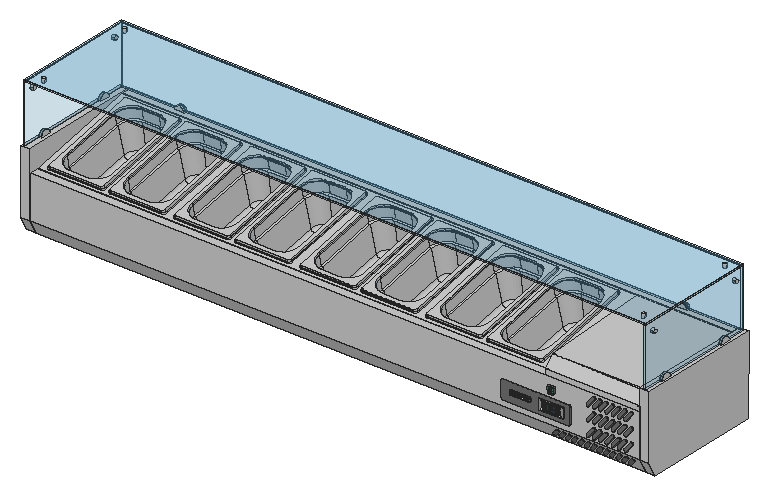
Revit family "QF_BLIZZARD_TOP2000CR", category Specialty Equipment, Revit 2016 (continued)
Forms (mm)
  Extrusion 69, solid
    sketch origin (1375, -14.714, 112.295) x (0, -0.980124, -0.198386) y (1, 0, 0)
      loop
        line (315.939, -318) -> (315.939, -156)
        arc (315.939, -156) -> (314.181, -151.757) -> (309.939, -150) r 6
        line (309.939, -150) -> (9, -150)
        arc (9, -150) -> (4.757, -151.757) -> (3, -156) r 6
        line (3, -156) -> (3, -318)
      loop
        arc (14.985, -264.5) -> (29.043, -298.441) -> (62.985, -312.5) r 48
        line (62.985, -312.5) -> (255.954, -312.5)
        arc (255.954, -312.5) -> (289.895, -298.441) -> (303.954, -264.5) r 48
        line (303.954, -264.5) -> (303.954, -209.5)
        arc (303.954, -209.5) -> (289.895, -175.559) -> (255.954, -161.5) r 48
        line (255.954, -161.5) -> (62.985, -161.5)
        arc (62.985, -161.5) -> (29.043, -175.559) -> (14.985, -209.5) r 48
        line (14.985, -209.5) -> (14.985, -264.5)
    from 140 to 145
  Extrusion 70, solid
    sketch origin (1375, -425.374, 24.073) x (0, -0.980124, -0.198386) y (1, 0, 0)
      loop
        arc (-357.015, -184.911) -> (-374.402, -192.113) -> (-381.604, -209.5) r 24.589
        line (-381.604, -209.5) -> (-381.604, -264.5)
        arc (-381.604, -264.5) -> (-374.402, -281.887) -> (-357.015, -289.089) r 24.589
        line (-357.015, -289.089) -> (-163.865, -289.089)
        arc (-163.865, -289.089) -> (-146.609, -281.941) -> (-139.461, -264.685) r 24.404
        line (-139.461, -264.685) -> (-139.461, -209.315)
        arc (-139.461, -209.315) -> (-146.609, -192.059) -> (-163.865, -184.911) r 24.404
        line (-163.865, -184.911) -> (-357.015, -184.911)
    from 0 to 2
  Sweep 71, solid
    path origin (1581, -13.722, 107.395) x (0, -0.980124, -0.198386) y (1, 0, 0)
      loop
        line (62.985, -289.089) -> (255.95, -289.089)
        arc (255.95, -289.089) -> (273.337, -281.887) -> (280.539, -264.5) r 24.589
        line (280.539, -264.5) -> (280.539, -209.5)
        arc (280.539, -209.5) -> (273.337, -192.113) -> (255.95, -184.911) r 24.589
        line (255.95, -184.911) -> (62.985, -184.911)
        arc (62.985, -184.911) -> (45.598, -192.113) -> (38.396, -209.5) r 24.589
        line (38.396, -209.5) -> (38.396, -264.5)
        arc (38.396, -264.5) -> (45.598, -281.887) -> (62.985, -289.089) r 24.589
    profile origin (1291.911, -170.02, 75.759) x (1, 0, 0) y (0, -0.198386, 0.980124)
      loop
        arc (0, 2) -> (-9.637, 5.845) -> (-13.981, 15.267) r 14
        line (-13.981, 15.267) -> (-18.689, 105.106) -> (-23.411, 109.828) -> (-23.411, 143) -> (-25.411, 143) -> (-25.411, 109) -> (-20.646, 104.235) -> (-15.978, 15.163)
        arc (-15.978, 15.163) -> (-11.014, 4.394) -> (0, 0) r 16
        line (0, 0) -> (0, 2)
  Extrusion 72, solid
    sketch origin (1581, -14.714, 112.295) x (0, -0.980124, -0.198386) y (1, 0, 0)
      loop
        line (0, -156) -> (0, -318)
        arc (0, -318) -> (2.636, -324.364) -> (9, -327) r 9
        line (9, -327) -> (309.939, -327)
        arc (309.939, -327) -> (316.303, -324.364) -> (318.939, -318) r 9
        line (318.939, -318) -> (318.939, -156)
        arc (318.939, -156) -> (316.303, -149.636) -> (309.939, -147) r 9
        line (309.939, -147) -> (9, -147)
        arc (9, -147) -> (2.636, -149.636) -> (0, -156) r 9
      loop
        arc (14.985, -264.5) -> (29.043, -298.441) -> (62.985, -312.5) r 48
        line (62.985, -312.5) -> (256.139, -312.5)
        arc (256.139, -312.5) -> (289.949, -298.495) -> (303.954, -264.685) r 47.815
        line (303.954, -264.685) -> (303.954, -209.5)
        arc (303.954, -209.5) -> (289.895, -175.559) -> (255.954, -161.5) r 48
        line (255.954, -161.5) -> (62.985, -161.5)
        arc (62.985, -161.5) -> (29.043, -175.559) -> (14.985, -209.5) r 48
        line (14.985, -209.5) -> (14.985, -264.5)
    from 138 to 140
  Extrusion 73, solid
    sketch origin (1581, -14.714, 112.295) x (0, -0.980124, -0.198386) y (1, 0, 0)
      loop
        arc (3, -318) -> (4.757, -322.243) -> (9, -324) r 6
        line (9, -324) -> (309.939, -324)
        arc (309.939, -324) -> (314.181, -322.243) -> (315.939, -318) r 6
        line (315.939, -318) -> (315.939, -156)
        arc (315.939, -156) -> (314.181, -151.757) -> (309.939, -150) r 6
        line (309.939, -150) -> (9, -150)
        arc (9, -150) -> (4.757, -151.757) -> (3, -156) r 6
        line (3, -156) -> (3, -318)
      loop
        arc (14.985, -264.5) -> (29.043, -298.441) -> (62.985, -312.5) r 48
        line (62.985, -312.5) -> (255.954, -312.5)
        arc (255.954, -312.5) -> (289.895, -298.441) -> (303.954, -264.5) r 48
        line (303.954, -264.5) -> (303.954, -209.5)
        arc (303.954, -209.5) -> (289.895, -175.559) -> (255.954, -161.5) r 48
        line (255.954, -161.5) -> (62.985, -161.5)
        arc (62.985, -161.5) -> (29.043, -175.559) -> (14.985, -209.5) r 48
        line (14.985, -209.5) -> (14.985, -264.5)
    from 140 to 145
  Extrusion 74, solid
    sketch origin (1581, -425.374, 24.073) x (0, -0.980124, -0.198386) y (1, 0, 0)
      loop
        arc (-357.015, -184.911) -> (-374.402, -192.113) -> (-381.604, -209.5) r 24.589
        line (-381.604, -209.5) -> (-381.604, -264.5)
        arc (-381.604, -264.5) -> (-374.402, -281.887) -> (-357.015, -289.089) r 24.589
        line (-357.015, -289.089) -> (-163.865, -289.089)
        arc (-163.865, -289.089) -> (-146.609, -281.941) -> (-139.461, -264.685) r 24.404
        line (-139.461, -264.685) -> (-139.461, -209.315)
        arc (-139.461, -209.315) -> (-146.609, -192.059) -> (-163.865, -184.911) r 24.404
        line (-163.865, -184.911) -> (-357.015, -184.911)
    from 0 to 2
Cuts and joins
  Extrusion 43 cuts Extrusion 42
  Extrusion 43 cuts Extrusion 45
  Extrusion 43 cuts Extrusion 46
Lines and regions (mm)
  symbolic lines, style "200-EquipBorder-2D"
    curve 1: line (0, 0, 0) -> (2000, 0, 0)
    curve 2: line (0, -395, 0) -> (0, 0, 0)
    curve 3: line (2000, -395, 0) -> (0, -395, 0)
    curve 4: line (2000, 0, 0) -> (2000, -395, 0)
Dimensions and locks
  plane 3 "Left" to plane 4 "Right" = 2000 mm
  plane 5 "Front" to plane 1 "Back" = 395 mm
  plane 6 "Top" to level = 439 mm  (x2)
  plane 1 "Back" to plane 5 "Front" = 395 mm
  plane 4 "Right" to plane 3 "Left" = 2000 mm
  aligned and locked: level to plane 2
